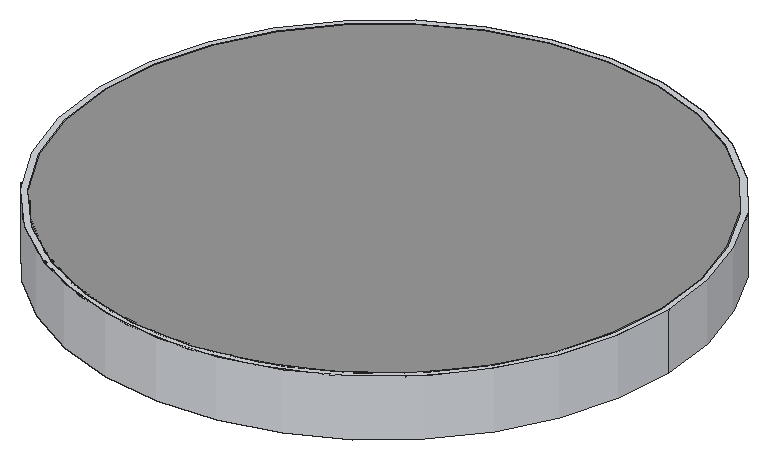
Revit family "2071200", category Lighting Fixtures, host Face, Revit 2018
Family settings
  Host = Face
  Round Connector Dimension = Use Diameter
  Part Type = Normal
  OmniClass Number = 23.80.70.00
  OmniClass Title = Lighting
  Cut with Voids When Loaded = No
  Light Source = Yes
  Shared = No
  Room Calculation Point = No
Parameters (values of type "2071200 COLOSSAL 600 830 OP DIR+H WHT DALI EM")
  iner diameter = 588 mm
  Weight = "n/a"
  Wattage Comments = ""
  Wattage = 30 W
  WarrantyStartDate [instance] = "n/a"
  WarrantyGuarantorParts = "n/a"
  WarrantyDurationUnit = "n/a"
  WarrantyDurationParts = ""
  WarrantyDescription = "http://www.sylvania-lighting.com"
  built-in parameter 1150110 = 1 (stored number, unit not read)
  Voltage = 230 V
  URL = "0.99"
  TypeName = "COLOSSAL 600mm 830 OPAL DIR+HAL WHITE DALI EM"
  Type Image = <None>
  Type Comments = "n/a"
  built-in parameter 1114217 = 1 (stored number, unit not read)
  Tilt Angle = -90.00°
  built-in parameter 1150109 = 1 (stored number, unit not read)
  built-in parameter 1150134 = (empty or 0)
  built-in parameter 1150113 = 1 (stored number, unit not read)
  SerialNumber [instance] = "n/a"
  Photometric Web File = "2071200.ies"
  Material_3_SYL = LED-Sylvania
  PowerFactor = 0
  PowerConsumption = "Lighting"
  NominalLength = 600 mm
  NominalHeight = 93 mm
  NominalDepth = 600 mm
  Name = "COLOSSAL 600mm 830 OPAL DIR+HAL WHITE DALI EM"
  ModelReference = Name  # "COLOSSAL 600mm 830 OPAL DIR+HAL WHITE DALI EM"
  ModelNumber = "2071200"
  Model = Name  # "COLOSSAL 600mm 830 OPAL DIR+HAL WHITE DALI EM"
  Material = "Feilo Sylvania"
  ManufacturerName = "127 lm/W"
  Manufacturer = ""
  LuminousEfficacy = ""
  built-in parameter 1150105 = 270.44 (stored number, unit not read)
  Lumens = 3398.4 lm
  LuminaireType = "0"
  built-in parameter 1150115 = 1 (stored number, unit not read)
  LightOutputRatio = "LED"
  built-in parameter 1150137 = (empty or 0)
  built-in parameter 1150139 = (empty or 0)
  LampsType = Lamp  # "n/a"
  LampNominalLuminous = "3000 K"
  LampMacAdamStep = "80"
  LampColourTemperature = "LED"
  LampColourRenderingIndex = "16500"
  built-in parameter 1150112 = 1 (stored number, unit not read)
  built-in parameter 1150114 = 1 (stored number, unit not read)
  Lamp = "n/a"
  Keynote = "n/a"
  InstallationDate [instance] = "n/a"
  InputVoltage = "0"
  InputNominalFrequency = "3000"
  built-in parameter 1150132 = (empty or 0)
  built-in parameter 1150102 = (empty or 0)
  built-in parameter 1150107 = 3000 (stored number, unit not read)
  built-in parameter 1150138 = (empty or 0)
  IngressProtection = "IfcLightFixtureType"
  ImpactProtectionIndex = "IfcLightFixtureType"
  built-in parameter 1150106 = 2.7044 (stored number, unit not read)
  IfcExportType = "IfcLightFixtureType"
  IfcExportAs = "Class I"
  Emit from Circle Diameter = 385 mm
  Emit Shape Visible in Rendering = no
  ElectricShockClassification = "127"
  built-in parameter 1150104 = 10.524 (stored number, unit not read)
  DocumentationLiterature = "http://www.sylvania-lighting.com/product/en-int/products/2071200"
  DimmingControlOptions = "n/a"
  Material_2_SYL = Polycarbonate_Sylvania_White
  Dimming Lamp Color Temperature Shift = <None>
  Description = "600mm diameter circular architectural luminaire, can be surface mounted or suspended. Powder coated aluminium housing (RAL9016) with polycarbonate opal diffuser. Direct/indirect (halo) light distribution, 5190lm luminuous flux, 41W system power, 127lm/W luminiaire efficacy. DALI dimmable. 3 hours integrated emergency. Colour rendering index Ra >80, 3000K Warm White LED, chromaticity tolerance of 3-step MacAdam ellipse. IP40, IK03. 450mA drive current. Electrical protection Class1, 220-240V. Reported lifetime 66k hours L90B10."
  Default Elevation = 1219.2 mm
  CreatedOn = "23/03/2022"
  CreatedBy = "@sylvania-lighting.com"
  Cost = 0
  Color Filter = 16777215
  built-in parameter 1114216 [instance] = (empty or 0)
  ClassificationValue = "EF_70_80"
  ClassificationName = "Uniclass2015"
  Material_1_SYL = Polycarbonate_Sylvania_Opal
  BarCode [instance] = "n/a"
  built-in parameter 1114218 = 1 (stored number, unit not read)
  built-in parameter 1150133 = 10 (stored number, unit not read)
  AssetType = "Fixed"
  AssetIdentifier [instance] = "n/a"
  Assembly Code = "D5020200"
  Apparent Load = 41 VA
  Material_4_SYL = none
Reference planes
  plane 1 "Center (Front/Back)": y = 0
  plane 2: z = 0
  plane 3 "Center (Left/Right)": x = 0
  plane 4: x = -300
  plane 5: x = 300
  plane 6: y = 300
  plane 7: y = -300
  plane 8: y = 212
  plane 9: y = -212
  plane 10: z = 93
  plane 11: y = 294
  plane 12: y = -294
  plane 13: through (0, 0, 1219.2) normal (0.5, -0.866, 0)
  plane 14: through (-134.29, 20.617, 1219.2) normal (0.5, -0.866, 0)
  plane 15: through (-144.685, -181.683, 1219.2) normal (-0.5, 0.866, 0)
  plane 16: through (0, 0, 1219.2) normal (0.5, 0.866, 0)
  plane 17: through (178.555, -4.939, 1219.2) normal (0.5, 0.866, 0)
  plane 18: through (87.581, -148.715, 1219.2) normal (0.5, 0.866, 0)
  plane 19: y = 272
  plane 20: through (105.168, 227.067, 1219.2) normal (0.866, 0.5, 0)
  plane 21: through (-104.171, 225.672, 1219.2) normal (0.8572, -0.515, 0)
  plane 22: y = -204.612
  plane 23: through (-296.643, -30.2, 1219.2) normal (0.866, 0.5, 0)
  plane 24: through (153.092, -278.837, 1219.2) normal (-0.866, 0.5, 0)
Forms (mm)
  Extrusion 1, solid, detail levels medium+fine
    sketch origin (0, 0, 0) x (1, 0, 0) y (0, 1, 0)
      loop
        circle (0, 0) r 300
    from 33.023 to 93
  Extrusion 2, void
    sketch origin (0, 0, 0) x (1, 0, 0) y (0, 1, 0)
      loop
        circle (0, 0) r 294
    from 93 to 37.292
  Extrusion 3, solid, material "Glass, White, High Luminance", detail levels fine
    sketch origin (0, 0, 0) x (1, 0, 0) y (0, 1, 0)
      loop
        circle (0, 0) r 294
    from 88.026 to 93
  Extrusion 4, solid, detail levels coarse
    sketch origin (0, 0, 0) x (1, 0, 0) y (0, 1, 0)
      loop
        line (-300, 300) -> (-300, -300) -> (300, -300) -> (300, 300) -> (-300, 300)
    from 0 to 93
  Blend 5, solid, detail levels medium+fine
    base sketch origin (0, 0, 0) x (1, 0, 0) y (0, 1, 0)
      loop
        line (-76.334, 272) -> (-277.665, -63.07) -> (-195.946, -204.612) -> (195.946, -204.612) -> (275.172, -67.388) -> (79.226, 272) -> (-76.334, 272)
    top sketch origin (0, 0, 0) x (1, 0, 0) y (0, 1, 0)
      loop
        line (-226.097, -32.388) -> (-141.097, -179.612) -> (141.097, -179.612) -> (226.097, -32.388) -> (85, 212) -> (-85, 212) -> (-226.097, -32.388)
    from 33.023 to 0
Cuts and joins
  Extrusion 2 cuts Extrusion 1
Lines and regions (mm)
  model lines
    curve 1: line (-85, 212, 0) -> (0, 212, 0)
    curve 2: line (0, 212, 0) -> (85, 212, 0)
Dimensions and locks
  "NominalDepth": plane 6 to plane 7
  "NominalLength": plane 4 to plane 5
  equal spacing: plane 4, plane 3 "Center (Left/Right)", plane 5
  "iner diameter": plane 11 to plane 12
  equal spacing: plane 11, plane 1 "Center (Front/Back)", plane 12
  equal spacing: plane 6, plane 1 "Center (Front/Back)", plane 7
  "NominalHeight": plane 10 to level
  radius of Extrusion 2 sketch curve = 294 mm
  aligned and locked: plane 2 to host face
  aligned and locked: level to host face
Automatic sketch dimensions
  host sketch curve to host sketch curve = 2438.4 mm  (x2)
  plane 1 "Center (Front/Back)" to Extrusion 1 sketch curve = 0 mm
  Extrusion 1 sketch curve to plane 3 "Center (Left/Right)" = 0 mm
  plane 1 "Center (Front/Back)" to Extrusion 2 sketch curve = 0 mm
  Extrusion 2 sketch curve to plane 3 "Center (Left/Right)" = 0 mm
  plane 1 "Center (Front/Back)" to Extrusion 3 sketch curve = 0 mm
  Extrusion 3 sketch curve to plane 3 "Center (Left/Right)" = 0 mm
  Extrusion 4 sketch curve to plane 4 = 0 mm
  Extrusion 4 sketch curve to plane 5 = 0 mm
  Extrusion 4 sketch curve to plane 7 = 0 mm
  Extrusion 4 sketch curve to plane 6 = 0 mm
  Blend 5 sketch curve to plane 8 = 0 mm
  Blend 5 sketch curve to plane 3 "Center (Left/Right)" = 85 mm
  plane 3 "Center (Left/Right)" to Blend 5 sketch curve = 85 mm
  plane 9 to Blend 5 sketch curve = 32.388 mm
  plane 3 "Center (Left/Right)" to Blend 5 sketch curve = 141.097 mm
  plane 1 "Center (Front/Back)" to Blend 5 sketch curve = 32.388 mm  (x2)
  Blend 5 sketch curve to plane 5 = 73.903 mm
  Blend 5 sketch curve to plane 3 "Center (Left/Right)" = 141.097 mm
  plane 4 to Blend 5 sketch curve = 73.903 mm
  curve 1 to plane 8 = 0 mm
  curve 2 to plane 3 "Center (Left/Right)" = 0 mm
  curve 1 to plane 3 "Center (Left/Right)" = 85 mm
  curve 1 to curve 2 = 85 mm
  Blend 5 sketch curve to plane 21 = 0 mm
  Blend 5 sketch curve to plane 23 = 0 mm  (x2)
  Blend 5 sketch curve to plane 22 = 0 mm
  Blend 5 sketch curve to plane 19 = 0 mm
  plane 21 to Blend 5 sketch curve = 0 mm
  Blend 5 sketch curve to plane 20 = 0 mm  (x2)
  Blend 5 sketch curve to plane 24 = 0 mm  (x2)
  radius of Extrusion 1 sketch curve = 300 mm
  radius of Extrusion 3 sketch curve = 294 mm
Connectors
  electrical at (0, 0, 0), driven by "Apparent Load", driven by "PowerFactor", driven by "Voltage"
    settings: index 1, voltage 230 V, apparent load 41 VA, apparent load phase1 0 VA, apparent load phase2 0 VA, apparent load phase3 0 VA, power factor 0, load classification "Lighting", number of poles 1, system type 30, power factor state 1, is connector primary yes, connector utility no, sub classification motor no, connector description ""
